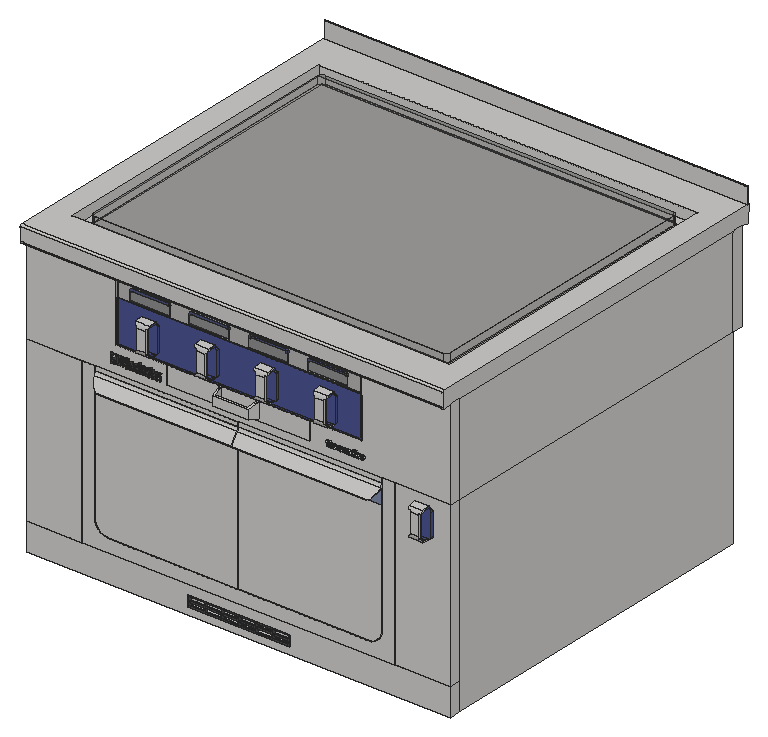
Revit family "QF_ELECTROLUXPROFESSIONAL_589699_MCLQEBJ4AO", category Attrezzature speciali, Revit 2020 (continued)
Definition of nested family "Front_Panel_W1000_Four Knobs"
  Definition of nested family "ELX_Professional_Logo_Small"
    Forms (mm)
      Extrusion 2, solid, material <- "Material_Logo"
        sketch origin (15.5, 0, 0) x (1, 0, 0) y (0, 1, 0)
          loop
            spline (-14.951, -3.871) -> (-14.564, -3.86) -> (-14.184, -3.826) -> (-13.809, -3.77) -> (-13.44, -3.689) -> (-13.078, -3.583) -> (-12.723, -3.451) -> (-12.375, -3.292) -> (-12.035, -3.105) -> (-11.703, -2.89) -> (-11.38, -2.646) -> (-11.065, -2.371) -> (-10.76, -2.066)
            line (-10.76, -2.066) -> (-12.295, -0.468)
            spline (-12.295, -0.468) -> (-12.474, -0.643) -> (-12.659, -0.805) -> (-12.85, -0.953) -> (-13.048, -1.087) -> (-13.254, -1.206) -> (-13.467, -1.311) -> (-13.69, -1.4) -> (-13.921, -1.475) -> (-14.162, -1.533) -> (-14.414, -1.575) -> (-14.677, -1.6) -> (-14.951, -1.609)
            spline (-14.951, -1.609) -> (-15.398, -1.581) -> (-15.823, -1.497) -> (-16.223, -1.362) -> (-16.596, -1.179) -> (-16.937, -0.95) -> (-17.243, -0.678) -> (-17.512, -0.367) -> (-17.739, -0.02) -> (-17.921, 0.36) -> (-18.055, 0.771) -> (-18.138, 1.208) -> (-18.167, 1.669)
          loop
            spline (-4.441, -1.243) -> (-4.659, -1.247) -> (-4.894, -1.23) -> (-5.137, -1.19) -> (-5.384, -1.121) -> (-5.628, -1.021) -> (-5.864, -0.884) -> (-6.084, -0.708) -> (-6.283, -0.488) -> (-6.454, -0.219) -> (-6.592, 0.101) -> (-6.69, 0.478) -> (-6.742, 0.914)
            line (-6.742, 0.914) -> (-6.742, 4.587) -> (-4.487, 4.587) -> (-4.487, 6.838) -> (-6.738, 6.838) -> (-6.738, 10.824) -> (-9.217, 10.824) -> (-9.217, 0.773)
            spline (-9.217, 0.773) -> (-9.164, 0.19) -> (-9.068, -0.358) -> (-8.928, -0.87) -> (-8.742, -1.343) -> (-8.511, -1.777) -> (-8.232, -2.168) -> (-7.904, -2.515) -> (-7.527, -2.816) -> (-7.098, -3.069) -> (-6.618, -3.273) -> (-6.084, -3.426) -> (-5.496, -3.525)
            line (-5.496, -3.525) -> (-4.45, -3.573) -> (-4.441, -1.243)
          loop
            spline (3.898, 6.983) -> (3.469, 7.009) -> (3.056, 7.001) -> (2.661, 6.961) -> (2.283, 6.888) -> (1.925, 6.785) -> (1.588, 6.652) -> (1.272, 6.49) -> (0.979, 6.301) -> (0.71, 6.085) -> (0.465, 5.844) -> (0.247, 5.578) -> (0.056, 5.289)
            line (0.056, 5.289) -> (0.056, 6.838) -> (-2.402, 6.838) -> (-2.402, -3.572) -> (0.056, -3.572) -> (0.056, 1.901)
            spline (0.056, 1.901) -> (0.079, 2.316) -> (0.145, 2.703) -> (0.254, 3.06) -> (0.404, 3.386) -> (0.592, 3.679) -> (0.818, 3.938) -> (1.08, 4.162) -> (1.375, 4.348) -> (1.703, 4.495) -> (2.062, 4.602) -> (2.45, 4.668) -> (2.865, 4.69)
            line (2.865, 4.69) -> (3.898, 4.586) -> (3.898, 6.983)
          loop
            spline (15.638, 1.633) -> (15.586, 2.396) -> (15.435, 3.124) -> (15.192, 3.81) -> (14.863, 4.449) -> (14.455, 5.034) -> (13.975, 5.56) -> (13.43, 6.021) -> (12.826, 6.411) -> (12.17, 6.724) -> (11.469, 6.955) -> (10.729, 7.098) -> (9.958, 7.147)
            spline (9.958, 7.147) -> (9.182, 7.098) -> (8.44, 6.955) -> (7.737, 6.724) -> (7.081, 6.411) -> (6.477, 6.021) -> (5.933, 5.56) -> (5.454, 5.034) -> (5.048, 4.449) -> (4.721, 3.81) -> (4.479, 3.124) -> (4.329, 2.396) -> (4.277, 1.633)
            spline (4.277, 1.633) -> (4.329, 0.869) -> (4.479, 0.141) -> (4.721, -0.544) -> (5.048, -1.183) -> (5.454, -1.768) -> (5.933, -2.294) -> (6.477, -2.755) -> (7.081, -3.145) -> (7.737, -3.459) -> (8.44, -3.69) -> (9.182, -3.833) -> (9.958, -3.882)
            spline (9.958, -3.882) -> (10.729, -3.833) -> (11.469, -3.69) -> (12.17, -3.459) -> (12.826, -3.145) -> (13.43, -2.755) -> (13.975, -2.294) -> (14.455, -1.768) -> (14.863, -1.183) -> (15.192, -0.544) -> (15.435, 0.141) -> (15.586, 0.869) -> (15.638, 1.633)
          loop
            spline (13.18, 1.633) -> (13.151, 2.083) -> (13.067, 2.513) -> (12.932, 2.918) -> (12.748, 3.296) -> (12.52, 3.642) -> (12.251, 3.954) -> (11.943, 4.227) -> (11.601, 4.459) -> (11.228, 4.645) -> (10.828, 4.782) -> (10.403, 4.867) -> (9.958, 4.896)
            spline (9.958, 4.896) -> (9.509, 4.867) -> (9.081, 4.782) -> (8.679, 4.645) -> (8.306, 4.459) -> (7.964, 4.227) -> (7.658, 3.954) -> (7.39, 3.642) -> (7.163, 3.296) -> (6.981, 2.918) -> (6.847, 2.513) -> (6.765, 2.083) -> (6.736, 1.633)
            spline (6.736, 1.633) -> (6.765, 1.182) -> (6.847, 0.753) -> (6.981, 0.347) -> (7.163, -0.031) -> (7.39, -0.377) -> (7.658, -0.689) -> (7.964, -0.962) -> (8.306, -1.193) -> (8.679, -1.38) -> (9.081, -1.517) -> (9.509, -1.602) -> (9.958, -1.631)
            spline (9.958, -1.631) -> (10.403, -1.602) -> (10.828, -1.517) -> (11.228, -1.38) -> (11.601, -1.193) -> (11.943, -0.962) -> (12.251, -0.689) -> (12.52, -0.377) -> (12.748, -0.031) -> (12.932, 0.347) -> (13.067, 0.753) -> (13.151, 1.182) -> (13.18, 1.633)
          loop
            line (17.162, 4.269) -> (17.162, -3.573) -> (19.642, -3.573) -> (19.642, 10.824) -> (17.162, 10.824) -> (17.162, 4.269)
          loop
            line (28.581, 6.838) -> (28.581, 0.786)
            spline (28.581, 0.786) -> (28.561, 0.393) -> (28.503, 0.038) -> (28.409, -0.279) -> (28.281, -0.559) -> (28.122, -0.802) -> (27.933, -1.011) -> (27.717, -1.185) -> (27.476, -1.325) -> (27.213, -1.433) -> (26.929, -1.509) -> (26.626, -1.554) -> (26.308, -1.569)
            spline (26.308, -1.569) -> (25.99, -1.554) -> (25.688, -1.509) -> (25.404, -1.434) -> (25.141, -1.326) -> (24.9, -1.187) -> (24.684, -1.014) -> (24.496, -0.807) -> (24.336, -0.565) -> (24.209, -0.288) -> (24.115, 0.026) -> (24.057, 0.376) -> (24.037, 0.765)
            line (24.037, 0.765) -> (24.037, 6.838) -> (21.537, 6.838) -> (21.537, 0.558)
            spline (21.537, 0.558) -> (21.581, -0.153) -> (21.71, -0.8) -> (21.916, -1.384) -> (22.195, -1.904) -> (22.54, -2.362) -> (22.944, -2.757) -> (23.403, -3.09) -> (23.909, -3.362) -> (24.456, -3.572) -> (25.04, -3.722) -> (25.652, -3.811) -> (26.288, -3.841)
            spline (26.288, -3.841) -> (26.929, -3.811) -> (27.547, -3.72) -> (28.135, -3.568) -> (28.687, -3.355) -> (29.197, -3.079) -> (29.66, -2.741) -> (30.068, -2.341) -> (30.415, -1.877) -> (30.696, -1.349) -> (30.905, -0.757) -> (31.034, -0.101) -> (31.079, 0.621)
            line (31.079, 0.621) -> (31.079, 6.838) -> (28.581, 6.838)
          loop
            line (40.457, -0.243) -> (38.894, 1.942) -> (40.83, 4.579) -> (42.488, 6.837) -> (39.782, 6.837) -> (37.53, 3.719) -> (35.258, 6.837) -> (32.573, 6.837) -> (34.113, 4.731) -> (36.167, 1.922) -> (34.014, -1.076) -> (32.222, -3.573) -> (34.887, -3.573) -> (37.53, 0.104) -> (40.174, -3.573) -> (42.839, -3.573) -> (40.457, -0.243)
          loop
            line (-46.121, -5.837) -> (-48.039, -5.837) -> (-48.039, -10.814) -> (-47.016, -10.814) -> (-47.016, -9.128) -> (-46.121, -9.128)
            arc (-46.121, -9.128) -> (-44.476, -7.482) -> (-46.121, -5.837) r 1.645
          loop
            line (-46.163, -6.778) -> (-47.016, -6.778) -> (-47.016, -8.187) -> (-46.163, -8.187)
            arc (-46.163, -8.187) -> (-45.458, -7.482) -> (-46.163, -6.778) r 0.704
          loop
            line (-38.313, -5.837) -> (-40.265, -5.837) -> (-40.265, -10.814) -> (-39.241, -10.814) -> (-39.241, -9.1) -> (-38.46, -9.182) -> (-37.48, -10.814) -> (-36.318, -10.814) -> (-37.513, -8.848)
            arc (-37.513, -8.848) -> (-36.888, -8.266) -> (-36.671, -7.441) r 1.536
            arc (-36.671, -7.441) -> (-37.165, -6.305) -> (-38.313, -5.837) r 1.643
          loop
            arc (-38.402, -8.166) -> (-37.707, -7.505) -> (-38.334, -6.778) r 0.696
            line (-38.334, -6.778) -> (-39.241, -6.778) -> (-39.241, -8.166) -> (-38.402, -8.166)
          loop
            circle (-29.965, -8.325) r 2.585
          loop
            circle (-29.965, -8.325) r 1.64
          loop
            line (-23.1, -5.837) -> (-23.1, -10.814) -> (-22.076, -10.814) -> (-22.076, -8.768) -> (-20.204, -8.768) -> (-20.204, -7.828) -> (-22.076, -7.828) -> (-22.076, -6.778) -> (-20.024, -6.778) -> (-20.024, -5.837) -> (-23.1, -5.837)
          loop
            line (-15.802, -5.837) -> (-15.802, -9.2)
            arc (-15.802, -9.2) -> (-15.343, -10.34) -> (-14.209, -10.814) r 1.593
            line (-14.209, -10.814) -> (-12.602, -10.814) -> (-12.602, -10.027) -> (-14.004, -10.027)
            arc (-14.004, -10.027) -> (-14.552, -9.8) -> (-14.779, -9.252) r 0.775
            line (-14.779, -9.252) -> (-14.779, -8.424) -> (-12.789, -8.424) -> (-12.789, -7.642) -> (-14.779, -7.642) -> (-14.779, -6.778) -> (-12.651, -6.778) -> (-12.651, -5.837) -> (-15.802, -5.837)
          loop
            line (-5.909, -7.143) -> (-5.173, -6.638)
            arc (-5.173, -6.638) -> (-5.855, -5.974) -> (-6.781, -5.755) r 1.782
            arc (-6.781, -5.755) -> (-7.397, -5.878) -> (-7.944, -6.189) r 1.974
            arc (-7.944, -6.189) -> (-8.202, -6.5) -> (-8.317, -6.888) r 1.013
            arc (-8.317, -6.888) -> (-8.306, -7.341) -> (-8.192, -7.78) r 1.985
            arc (-8.192, -7.78) -> (-7.749, -8.259) -> (-7.171, -8.563) r 1.928
            arc (-7.171, -8.563) -> (-6.637, -8.779) -> (-6.131, -9.056) r 5.041
            arc (-6.131, -9.056) -> (-5.934, -9.387) -> (-6.09, -9.74) r 0.42
            arc (-6.09, -9.74) -> (-6.631, -9.96) -> (-7.204, -9.845) r 1.016
            arc (-7.204, -9.845) -> (-7.625, -9.603) -> (-7.889, -9.196) r 1.033
            line (-7.889, -9.196) -> (-8.67, -9.686)
            arc (-8.67, -9.686) -> (-8.361, -10.198) -> (-7.908, -10.589) r 1.914
            arc (-7.908, -10.589) -> (-7.334, -10.834) -> (-6.714, -10.896) r 2.063
            arc (-6.714, -10.896) -> (-5.947, -10.743) -> (-5.256, -10.376) r 2.696
            arc (-5.256, -10.376) -> (-4.95, -9.565) -> (-5.108, -8.712) r 1.618
            arc (-5.108, -8.712) -> (-5.448, -8.319) -> (-5.884, -8.035) r 1.876
            arc (-5.884, -8.035) -> (-6.434, -7.789) -> (-6.999, -7.577) r 9.883
            arc (-6.999, -7.577) -> (-7.325, -7.07) -> (-6.854, -6.694) r 0.45
            arc (-6.854, -6.694) -> (-6.329, -6.809) -> (-5.909, -7.143) r 1.197
          loop
            line (1.61, -7.143) -> (2.345, -6.638)
            arc (2.345, -6.638) -> (1.663, -5.974) -> (0.737, -5.755) r 1.782
            arc (0.737, -5.755) -> (0.121, -5.878) -> (-0.425, -6.189) r 1.974
            arc (-0.425, -6.189) -> (-0.683, -6.5) -> (-0.799, -6.888) r 1.013
            arc (-0.799, -6.888) -> (-0.788, -7.341) -> (-0.674, -7.78) r 1.985
            arc (-0.674, -7.78) -> (-0.231, -8.259) -> (0.347, -8.563) r 1.928
            arc (0.347, -8.563) -> (0.881, -8.779) -> (1.387, -9.056) r 5.041
            arc (1.387, -9.056) -> (1.584, -9.387) -> (1.428, -9.74) r 0.42
            arc (1.428, -9.74) -> (0.887, -9.96) -> (0.314, -9.845) r 1.016
            arc (0.314, -9.845) -> (-0.107, -9.603) -> (-0.371, -9.196) r 1.033
            line (-0.371, -9.196) -> (-1.152, -9.686)
            arc (-1.152, -9.686) -> (-0.842, -10.198) -> (-0.39, -10.589) r 1.914
            arc (-0.39, -10.589) -> (0.184, -10.834) -> (0.804, -10.896) r 2.063
            arc (0.804, -10.896) -> (1.572, -10.743) -> (2.263, -10.376) r 2.696
            arc (2.263, -10.376) -> (2.568, -9.565) -> (2.411, -8.712) r 1.618
            arc (2.411, -8.712) -> (2.07, -8.319) -> (1.635, -8.035) r 1.876
            arc (1.635, -8.035) -> (1.084, -7.789) -> (0.519, -7.577) r 9.883
            arc (0.519, -7.577) -> (0.193, -7.07) -> (0.665, -6.694) r 0.45
            arc (0.665, -6.694) -> (1.189, -6.809) -> (1.61, -7.143) r 1.197
          loop
            line (6.801, -5.837) -> (6.801, -10.814) -> (7.825, -10.814) -> (7.825, -5.837) -> (6.801, -5.837)
          loop
            circle (14.724, -8.325) r 1.548
          loop
            circle (14.724, -8.325) r 2.585
          loop
            line (21.59, -10.814) -> (22.623, -10.814) -> (22.623, -7.685) -> (24.9, -10.814) -> (25.895, -10.814) -> (25.895, -5.837) -> (24.861, -5.837) -> (24.861, -9.061) -> (22.585, -5.837) -> (21.59, -5.837) -> (21.59, -10.814)
          loop
            line (31.054, -10.814) -> (31.539, -9.74) -> (33.38, -9.74) -> (33.865, -10.814) -> (34.965, -10.814) -> (32.46, -5.837) -> (29.956, -10.814) -> (31.054, -10.814)
          loop
            line (32.46, -7.698) -> (31.999, -8.719) -> (32.921, -8.719) -> (32.46, -7.698)
          loop
            line (40.047, -9.873) -> (40.047, -5.837) -> (39.024, -5.837) -> (39.024, -10.814) -> (41.961, -10.814) -> (41.961, -9.873) -> (40.047, -9.873)
          loop
            line (-74.986, -10.814) -> (-53.322, -10.814) -> (-53.322, 10.82) -> (-74.986, 10.82) -> (-74.986, -10.814)
          loop
            line (-61.261, 9.758) -> (-61.261, -9.707)
            arc (-61.261, -9.707) -> (-54.066, 0.025) -> (-61.261, 9.758) r 10.18
          loop
            line (-62.251, 8.349) -> (-62.251, 9.758)
            arc (-62.251, 9.758) -> (-70.347, 7.918) -> (-74.247, 0.59) r 9.976
            line (-74.247, 0.59) -> (-71.026, 0.59)
            arc (-71.026, 0.59) -> (-65.274, 2.925) -> (-62.251, 8.349) r 9.351
          loop
            arc (-74.247, -0.539) -> (-70.353, -7.928) -> (-62.251, -9.957) r 10.237
            line (-62.251, -9.957) -> (-62.251, -8.298)
            arc (-62.251, -8.298) -> (-65.274, -2.874) -> (-71.026, -0.539) r 9.351
            line (-71.026, -0.539) -> (-74.247, -0.539)
        from 0 to 1.644
    Dimensions and locks
      aligned and locked: plane 2 to Extrusion 1
      aligned and locked: level to Extrusion 1
Definition of nested family "H450H2W1000_2DOOR"
  Parameters
    Width [instance] = 680 mm
    Wdoor [instance] = Width / 2  # 340 mm
    Show Clearance [instance] = yes
    Model = "727995"
    Height = 450 mm
    Default Elevation = 0 mm
  Reference planes
    plane 1 "Center (Front/Back)": y = 0
    plane 2: z = 0
    plane 3 "Center (Left/Right)": x = 36.042
    plane 4 "panel": z = 25
    plane 5: x = -303.958
    plane 6: x = 376.042
    plane 7: y = 450
    plane 8: z = 340
    plane 9: z = 45
  Forms (mm)
    Extrusion 1, solid
      sketch origin (0, -919.2, 0) x (1, 0, 0) y (0, 1, 0)
        loop
          line (-980.5, 2119.2) -> (-980.5, -162.846) -> (881.94, -162.846) -> (881.94, 2119.2) -> (-980.5, 2119.2)
      from 0 to -59.546
    Extrusion 2, solid
      sketch origin (0, 0, 0) x (1, 0, 0) y (0, 1, 0)
        loop
          line (374.042, 393) -> (37.042, 393) -> (37.042, 97) -> (344.042, 97)
          arc (344.042, 97) -> (365.255, 105.787) -> (374.042, 127) r 30
          line (374.042, 127) -> (374.042, 393)
        loop
          arc (-301.958, 127) -> (-293.171, 105.787) -> (-271.958, 97) r 30
          line (-271.958, 97) -> (35.042, 97) -> (35.042, 393) -> (-301.958, 393) -> (-301.958, 127)
      from 0 to 25
    Extrusion 3, solid
      sketch origin (0, 0, 0) x (1, 0, 0) y (0, 1, 0)
        loop
          line (-301.958, 393) -> (35.042, 393) -> (35.042, 440) -> (-301.958, 440) -> (-301.958, 393)
        loop
          line (37.042, 440) -> (37.042, 393) -> (374.042, 393) -> (374.042, 440) -> (37.042, 440)
      from 0 to 25
    Extrusion 4, solid
      sketch origin (5.581, 79.805, 0) x (1, 0, 0) y (0, 1, 0)
        loop
          line (-307.539, 360.195) -> (29.461, 360.195) -> (29.461, 370.195) -> (-307.539, 370.195) -> (-307.539, 360.195)
        loop
          line (31.461, 370.195) -> (31.461, 360.195) -> (368.461, 360.195) -> (368.461, 370.195) -> (31.461, 370.195)
      from 0 to 25
    Extrusion 5, solid
      sketch origin (36.042, 0, 0) x (0, 1, 0) y (0, 0, 1)
        loop
          line (426.693, 25) -> (440.02, 25)
          arc (440.02, 25) -> (435.261, 25.775) -> (430.993, 28.02) r 15
          line (430.993, 28.02) -> (406.653, 46.362) -> (403.644, 42.369) -> (426.693, 25)
      from 1 to 338
    Extrusion 6, solid
      sketch origin (36.042, 0, 0) x (0, 1, 0) y (0, 0, 1)
        loop
          line (426.693, 25) -> (440.02, 25)
          arc (440.02, 25) -> (435.261, 25.775) -> (430.993, 28.02) r 15
          line (430.993, 28.02) -> (406.653, 46.362) -> (403.644, 42.369) -> (426.693, 25)
      from -338 to -1
    Extrusion 7, void
      sketch origin (0, 0, 0) x (1, 0, 0) y (0, 1, 0)
        loop
          arc (374.042, 426.693) -> (364.508, 412.772) -> (350.317, 403.644) r 42.603
          line (350.317, 403.644) -> (374.042, 403.644) -> (374.042, 426.693)
      from 0 to 47.9
    Extrusion 8, void
      sketch origin (72.084, 0, 0) x (-1, 0, 0) y (0, -1, 0)
        loop
          line (374.042, -426.693) -> (374.042, -403.644) -> (350.317, -403.644)
          arc (350.317, -403.644) -> (364.508, -412.772) -> (374.042, -426.693) r 42.603
      from 0 to 47.9
    Extrusion 9, solid, detail levels coarse
      sketch origin (0, 0, 0) x (1, 0, 0) y (0, 0, 1)
        loop
          arc (36.231, 25) -> (-56.085, 247.873) -> (-278.958, 340.189) r 315.189
          line (-278.958, 340.189) -> (-278.958, 25) -> (36.231, 25)
      from -450 to -97
    Extrusion 10, solid, detail levels coarse
      sketch origin (0, 0, 0) x (1, 0, 0) y (0, 0, 1)
        loop
          arc (351.042, 340) -> (128.303, 247.739) -> (36.042, 25) r 315
          line (36.042, 25) -> (351.042, 25) -> (351.042, 340)
      from -450 to -97
  Cuts and joins
    Extrusion 8 cuts Extrusion 6
    Extrusion 7 cuts Extrusion 5
  Lines and regions (mm)
    symbolic lines
      curve 1: line (376.042, 0, 45) -> (376.042, 0, 340)
      curve 2: line (351.042, 0, 45) -> (351.042, 0, 340)
      curve 3: line (376.042, 0, 340) -> (351.042, 0, 340)
      curve 4: line (-303.958, 0, 45) -> (-303.958, 0, 340)
      curve 5: line (-278.958, 0, 45) -> (-278.958, 0, 340)
      curve 6: line (-303.958, 0, 340) -> (-278.958, 0, 340)
      curve 7: arc (351.042, 0, 340) -> (135.522, 0, 254.731) -> (36.683, 0, 45.088) r 315
      curve 8: arc (35.407, 0, 44.997) -> (-63.405, 0, 254.7) -> (-278.958, 0, 340) r 315
  Dimensions and locks
    plane 4 "panel" to level = 25 mm
    "Width": plane 5 to plane 6
    equal spacing: plane 5, plane 3 "Center (Left/Right)", plane 6
    "Height": plane 1 "Center (Front/Back)" to plane 7
    locked: plane 5 to Extrusion 2 sketch curve at 2
    locked: Extrusion 2 sketch curve to plane 6 at 2
    locked: plane 1 "Center (Front/Back)" to Extrusion 2 sketch curve at 97
    locked: plane 7 to Extrusion 2 sketch curve at 57
    locked: Extrusion 2 sketch curve to plane 3 "Center (Left/Right)" at 1
    locked: plane 3 "Center (Left/Right)" to Extrusion 2 sketch curve at 1
    Extrusion 3 sketch curve to Extrusion 2 = 47 mm
    "Wdoor": plane 8 to level
    locked: curve 2 to curve 1 at 25
    locked: curve 5 to curve 4 at 25
    plane 4 "panel" to plane 9 = 20 mm
    aligned and locked: plane 2 to Extrusion 1
    aligned and locked: level to Extrusion 1
    aligned and locked: plane 4 "panel" to Extrusion 2
    aligned and locked: Extrusion 2 to Extrusion 3 sketch curve
    aligned and locked: Extrusion 3 sketch curve to Extrusion 2  (x2)
    aligned and locked: Extrusion 3 sketch curve to Extrusion 3 sketch curve
    aligned and locked: plane 4 "panel" to Extrusion 3
    aligned and locked: Extrusion 4 sketch curve to Extrusion 4 sketch curve
    aligned and locked: Extrusion 4 sketch curve to Extrusion 3  (x3)
    aligned and locked: Extrusion 3 to Extrusion 4 sketch curve
    aligned and locked: Extrusion 4 sketch curve to plane 7
    aligned and locked: Extrusion 3 to Extrusion 5
    aligned and locked: Extrusion 5 to Extrusion 3
    aligned and locked: Extrusion 6 to Extrusion 3
    aligned and locked: Extrusion 3 to Extrusion 6
    aligned and locked: Extrusion 7 sketch curve to Extrusion 5
    aligned and locked: Extrusion 8 to Extrusion 6
    aligned and locked: Extrusion 4 to Extrusion 8
    aligned and locked: Extrusion 2 to Extrusion 7
    aligned and locked: Extrusion 7 to Extrusion 5
    aligned and locked: Extrusion 4 to Extrusion 3  (x2)
    aligned and locked: Extrusion 3 to Extrusion 2
    aligned and locked: Extrusion 4 to Extrusion 2
    aligned and locked: curve 3 to plane 8
    aligned and locked: curve 1 to plane 6
    aligned and locked: curve 4 to plane 5
    aligned and locked: Extrusion 9 sketch curve to plane 4 "panel"
    aligned and locked: Extrusion 10 sketch curve to curve 7
    aligned and locked: Extrusion 10 sketch curve to curve 2
    aligned and locked: Extrusion 2 to Extrusion 9
    aligned and locked: Extrusion 2 to Extrusion 10
    aligned and locked: plane 7 to Extrusion 9
    aligned and locked: Extrusion 3 to Extrusion 4
  Automatic sketch dimensions
    Extrusion 1 sketch curve to Extrusion 1 sketch curve = 1862.44 mm
    Extrusion 1 sketch curve to Extrusion 1 sketch curve = 2282.046 mm
    Extrusion 2 sketch curve to Extrusion 2 sketch curve = 30 mm  (x2)
    Extrusion 2 sketch curve to plane 1 "Center (Front/Back)" = 97 mm
    Extrusion 2 sketch curve to Extrusion 2 sketch curve = 0 mm
    Extrusion 3 sketch curve to plane 3 "Center (Left/Right)" = 1 mm
    plane 5 to Extrusion 3 sketch curve = 2 mm
    Extrusion 3 sketch curve to Extrusion 3 sketch curve = 0 mm
    Extrusion 5 sketch curve to plane 4 "panel" = 0 mm
    plane 4 "panel" to Extrusion 5 sketch curve = 17.369 mm
    Extrusion 5 sketch curve to plane 7 = 46.356 mm
    plane 4 "panel" to Extrusion 5 sketch curve = 21.362 mm
    Extrusion 5 sketch curve to Extrusion 5 sketch curve = 3.009 mm
    plane 4 "panel" to Extrusion 5 sketch curve = 3.02 mm
    Extrusion 5 sketch curve to Extrusion 5 sketch curve = 9.027 mm
    Extrusion 6 sketch curve to plane 4 "panel" = 0 mm
    plane 4 "panel" to Extrusion 6 sketch curve = 17.369 mm
    Extrusion 6 sketch curve to plane 7 = 46.356 mm
    plane 4 "panel" to Extrusion 6 sketch curve = 21.362 mm
    Extrusion 6 sketch curve to Extrusion 6 sketch curve = 3.009 mm
    plane 4 "panel" to Extrusion 6 sketch curve = 3.02 mm
    Extrusion 6 sketch curve to Extrusion 6 sketch curve = 9.027 mm
    Extrusion 7 sketch curve to Extrusion 7 sketch curve = 23.725 mm
    Extrusion 7 sketch curve to plane 7 = 6.671 mm
    Extrusion 7 sketch curve to plane 6 = 41.221 mm
    Extrusion 7 sketch curve to plane 7 = 23.307 mm
    plane 7 to Extrusion 8 sketch curve = 6.671 mm
    Extrusion 8 sketch curve to plane 5 = 41.221 mm
    Extrusion 8 sketch curve to plane 5 = 25.725 mm
    Extrusion 8 sketch curve to plane 5 = 2 mm
    plane 7 to Extrusion 8 sketch curve = 23.307 mm
    Extrusion 4 sketch curve to Extrusion 4 sketch curve = 10 mm
    Extrusion 4 sketch curve to plane 7 = 10 mm
    curve 2 to plane 9 = 0 mm
    curve 5 to plane 9 = 0 mm
    curve 4 to plane 9 = 0 mm
    curve 1 to plane 9 = 0 mm
    curve 8 to plane 4 "panel" = 0 mm
    curve 5 to plane 8 = 0 mm
    curve 8 to plane 9 = 0.003 mm
    curve 7 to plane 4 "panel" = 0 mm
    plane 9 to curve 7 = 0.088 mm
    plane 5 to Extrusion 9 sketch curve = 25 mm
    plane 3 "Center (Left/Right)" to Extrusion 9 sketch curve = 0.189 mm
Definition of nested family "Warm"
  Reference planes
    plane 1 "Center (Front/Back)": y = 0
    plane 2: z = 0
    plane 3 "Center (Left/Right)": x = 0
  Lines and regions (mm)
    detail lines, in view "Ref. Level"
      curve 1: circle (-165.742, 180.331, 0) r 45 normal (0, 0, 1)
      curve 2: line (-165.742, 125.331, 0) -> (-165.742, 80.331, 0)
      curve 3: line (-165.742, 235.331, 0) -> (-165.742, 280.331, 0)
      curve 4: line (-105.742, 180.331, 0) -> (-65.742, 180.331, 0)
      curve 5: line (-220.742, 180.331, 0) -> (-265.742, 180.331, 0)
      curve 6: line (-126.851, 141.44, 0) -> (-95.031, 109.62, 0)
      curve 7: line (-204.632, 219.221, 0) -> (-236.452, 251.041, 0)
      curve 8: line (-126.851, 219.221, 0) -> (-95.031, 251.041, 0)
      curve 9: line (-204.632, 141.44, 0) -> (-236.452, 109.62, 0)
